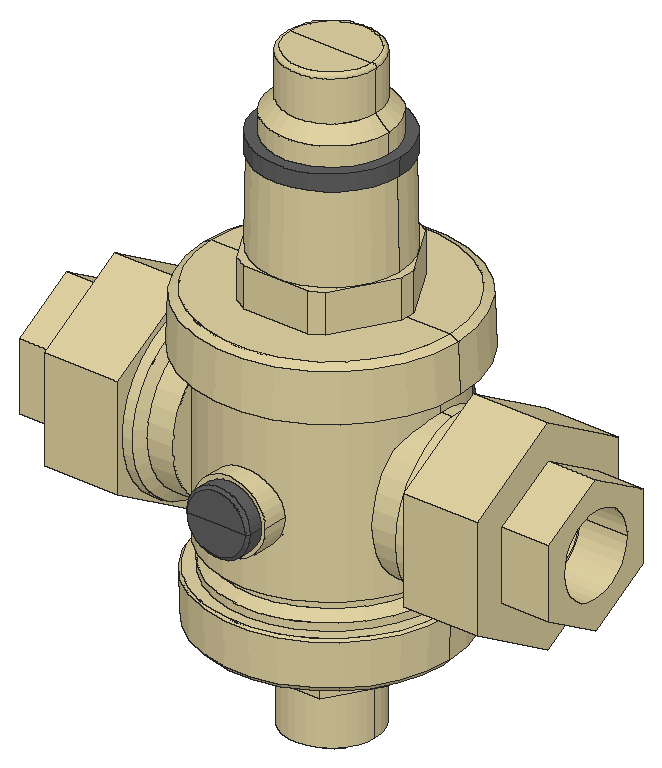
Revit family "HS00290000", category Apparecchi idraulici, Revit 2020
Family settings
  Quota connettore circolare = Usa diametro
  Tipo di parte = Normale
  Numero OmniClass = 23.45.00.00
  Titolo OmniClass = Sanitary, Laundry, and Cleaning Equipment
  Basato su piano di lavoro = No
  Sempre verticale = Sì
  Taglio con vuoti quando caricato = No
  Condiviso = No
  Punto di calcolo locali = No
Parameters
  URL = "https://web.cimberio.it/index.php/figura/894?subcategoria_id=42"
  Temperatura di esercizio = "0 ÷ 80°C"
  Prospetto di default = 0 mm
  Produttore = "CIMBERIO SPA"
  Pressione nominale = "PN 25"
  Modello = "Cim 1460"
  Materiale = "Prodotto in lega di ottone conforme alla norma EN 12165-CW617N-DW"
  Descrizione = "Utilizzato nei più svariati settori dell'impiantistica: reti di distribuzione acqua potabile, impianti di riscaldamento, condizionamento, igienico-sanitari e in generale con ogni fluido non corrosivo."
  DN Model [instance] = HS00291020 : HS00291020
  DN [instance] = 20 mm
  Commenti sul tipo = "Realizzato in ottemperanza ai requisiti gestionali della norma EN ISO 9001. Collaudato al 100% secondo la normativa EN 12266-1"
Reference planes
  plane 1 "Centro (Fronte/Retro)": y = 0
  plane 2: z = 0
  plane 3 "Centro (Sinistra/Destra)": x = 0
Dimensions and locks
  aligned and locked: level to plane 2
Nested families
  nested 1: "HS00291020" at (0, 0, 0), type <- "DN Model", type "HS00291020"
Connectors
  piping at (66.35, 0, 0), diameter 20, driven by "DN"
    settings: on nested 1, index 1, connector inside diameter 609.6 mm, connector length 0 mm, flow factor 0, pipe flow 0.0 L/s, pressure drop 0.0 Pa, fitting loss kfactor 0, connector angle 0.00°, fixture units 0, engagement length 0 mm, angle of deflection 0.00°, flow configuration 0, flow direction 0, fitting loss method 0, system type 7, joint type 0, gender type 0, connector reference index -1, connector utility 0, adjustable connector no, is connector primary yes, connector description ""
  piping at (-66.35, 0, 0), diameter 20, driven by "DN"
    settings: on nested 1, index 2, connector inside diameter 609.6 mm, connector length 0 mm, flow factor 0, pipe flow 0.0 L/s, pressure drop 0.0 Pa, fitting loss kfactor 0, connector angle 0.00°, fixture units 0, engagement length 0 mm, angle of deflection 0.00°, flow configuration 0, flow direction 0, fitting loss method 0, system type 7, joint type 0, gender type 0, connector reference index -1, connector utility 0, adjustable connector no, is connector primary no, connector description ""
Definition of nested family "HS00291020"
  Parameters (values of type "HS00291020")
    Default Elevation = 0 mm
  Reference planes
    plane 1 "Centro (Fronte/Retro)": y = 0
    plane 2: z = 0
    plane 3 "Centro (Sinistra/Destra)": x = 0
  Forms (mm)
    Revolve 1, solid
      sketch origin (0, 0, 0) x (1, 0, 0) y (0, 0, 1)
        loop
          line (0, 91) -> (-10.25, 91)
          arc (-10.25, 91) -> (-10.957, 90.707) -> (-11.25, 90) r 1
          line (-11.25, 90) -> (-11.25, 80) -> (-14.5, 76.75) -> (-14.5, 72) -> (0, 72) -> (0, 91)
        axis (0, 91) -> (0, 72)
      angle from 0 to 360
    Extrusion 2, solid
      sketch origin (0, 0, 0) x (1, 0, 0) y (0, 1, 0)
        loop
          circle (0, 0) r 17.25
      from 68 to 72
    Revolve 3, solid
      sketch origin (0, 0, 0) x (1, 0, 0) y (0, 0, 1)
        loop
          line (-17.25, 46.5) -> (0, 46.5) -> (0, 68) -> (-16.75, 68) -> (-17.25, 46.5)
        axis (0, 68) -> (0, 46.5)
      angle from 0 to 360
    Extrusion 4, solid
      sketch origin (0, 0, 0) x (1, 0, 0) y (0, 1, 0)
        loop
          arc (-8.02, 17.5) -> (-9.625, 16.671) -> (-11.146, 15.695) r 19.25
          line (-11.146, 15.695) -> (-19.165, 1.805)
          arc (-19.165, 1.805) -> (-19.25, 0) -> (-19.165, -1.805) r 19.25
          line (-19.165, -1.805) -> (-11.146, -15.695)
          arc (-11.146, -15.695) -> (-9.625, -16.671) -> (-8.02, -17.5) r 19.25
          line (-8.02, -17.5) -> (8.02, -17.5)
          arc (8.02, -17.5) -> (9.625, -16.671) -> (11.146, -15.695) r 19.25
          line (11.146, -15.695) -> (19.165, -1.805)
          arc (19.165, -1.805) -> (19.25, 0) -> (19.165, 1.805) r 19.25
          line (19.165, 1.805) -> (11.146, 15.695)
          arc (11.146, 15.695) -> (9.625, 16.671) -> (8.02, 17.5) r 19.25
          line (8.02, 17.5) -> (-8.02, 17.5)
      from 37 to 46.5
    Revolve 5, solid
      sketch origin (0, 0, 0) x (1, 0, 0) y (0, 0, 1)
        loop
          line (-10, 37) -> (-30, 37) -> (-32, 35.845) -> (-32.5, 24.25) -> (-31.567, 24) -> (-27.854, 24)
          arc (-27.854, 24) -> (-27.625, 23.518) -> (-27.5, 23) r 2.583
          line (-27.5, 23) -> (-27.5, -18.5) -> (-24.481, -18.5) -> (-24.481, -21.5) -> (-26.602, -23.621) -> (-26.602, -25.5) -> (-10, -25.5) -> (-10, 37)
        axis (0, 37) -> (0, -25.5)
      angle from 0 to 360
    Revolve 6, solid
      sketch origin (0, 0, 0) x (1, 0, 0) y (0, 0, 1)
        loop
          line (-10, -25.5) -> (-29.5, -25.5) -> (-29.996, -26.159) -> (-29.75, -36.5) -> (-28.25, -38) -> (-10, -38) -> (-10, -25.5)
        axis (0, -25.5) -> (0, -38)
      angle from 0 to 360
    Extrusion 7, solid
      sketch origin (0, 0, 0) x (1, 0, 0) y (0, 1, 0)
        loop
          line (14.5, 0) -> (7.25, 12.557) -> (-7.25, 12.557) -> (-14.5, 0) -> (-7.25, -12.557) -> (7.25, -12.557) -> (14.5, 0)
      from -47.5 to -38
    Revolve 8, solid
      sketch origin (0, 0, 0) x (1, 0, 0) y (0, 0, 1)
        loop
          line (-11, -60.567) -> (-10.25, -61) -> (0, -61) -> (0, -47.5) -> (-11, -47.5) -> (-11, -60.567)
        axis (0, -47.5) -> (0, -61)
      angle from 0 to 360
    Revolve 9, solid
      sketch origin (0, 0, 0) x (1, 0, 0) y (0, 0, 1)
        loop
          line (-31.557, 18.5) -> (-33, 20.999) -> (-35.85, 20.999) -> (-35.85, 10) -> (-25.079, 10) -> (-25.079, 18.5) -> (-31.557, 18.5)
        axis (-35.85, 0) -> (-25.079, 0)
      angle from 0 to 360
    Revolve 10, solid
      sketch origin (0, 0, 0) x (-1, 0, 0) y (0, 0, 1)
        loop
          line (-31.557, 18.5) -> (-33, 20.999) -> (-35.85, 20.999) -> (-35.85, 10) -> (-25.079, 10) -> (-25.079, 18.5) -> (-31.557, 18.5)
        axis (-35.85, 0) -> (-25.079, 0)
      angle from 0 to 360
    Extrusion 11, solid
      sketch origin (0, 0, 0) x (0, 1, 0) y (0, 0, 1)
        loop
          circle (0, 0) r 10
        loop
          line (0, 25.5) -> (-22.084, 12.75) -> (-22.084, -12.75) -> (0, -25.5) -> (22.084, -12.75) -> (22.084, 12.75) -> (0, 25.5)
      from -54.35 to -35.85
    Extrusion 12, solid
      sketch origin (0, 0, 0) x (0, 1, 0) y (0, 0, 1)
        loop
          circle (0, 0) r 10
        loop
          line (0, 17) -> (-14.722, 8.5) -> (-14.722, -8.5) -> (0, -17) -> (14.722, -8.5) -> (14.722, 8.5) -> (0, 17)
      from -66.35 to -54.35
    Extrusion 13, solid
      sketch origin (0, 0, 0) x (0, 1, 0) y (0, 0, -1)
        loop
          circle (0, 0) r 10
        loop
          line (0, -25.5) -> (22.084, -12.75) -> (22.084, 12.75) -> (0, 25.5) -> (-22.084, 12.75) -> (-22.084, -12.75) -> (0, -25.5)
      from -54.35 to -35.85
    Extrusion 14, solid
      sketch origin (0, 0, 0) x (0, 1, 0) y (0, 0, -1)
        loop
          circle (0, 0) r 10
        loop
          line (0, -17) -> (14.722, -8.5) -> (14.722, 8.5) -> (0, 17) -> (-14.722, 8.5) -> (-14.722, -8.5) -> (0, -17)
      from -66.35 to -54.35
    Extrusion 15, solid
      sketch origin (0, 0, 0) x (1, 0, 0) y (0, 0, 1)
        loop
          circle (0, -0.5) r 9
        loop
          circle (0, -0.5) r 7.25
      from -32 to 32.002
    Revolve 16, solid
      sketch origin (0, 0, -0.547) x (1, 0, 0) y (0, 1, 0)
        loop
          line (0, -36) -> (0, -32.002) -> (-7.991, -32.002) -> (-7.991, -35.259) -> (-7.25, -36) -> (0, -36)
        axis (0, -32.002) -> (0, -36)
      angle from 0 to 360
    Revolve 17, solid
      sketch origin (0, 0, -0.547) x (1, 0, 0) y (0, 1, 0)
        loop
          line (0, 36) -> (-7.25, 36) -> (-7.991, 35.259) -> (-7.991, 32.002) -> (0, 32.002) -> (0, 36)
        axis (0, 32.002) -> (0, 36)
      angle from 0 to 360
  Dimensions and locks
    aligned and locked: level to plane 2
